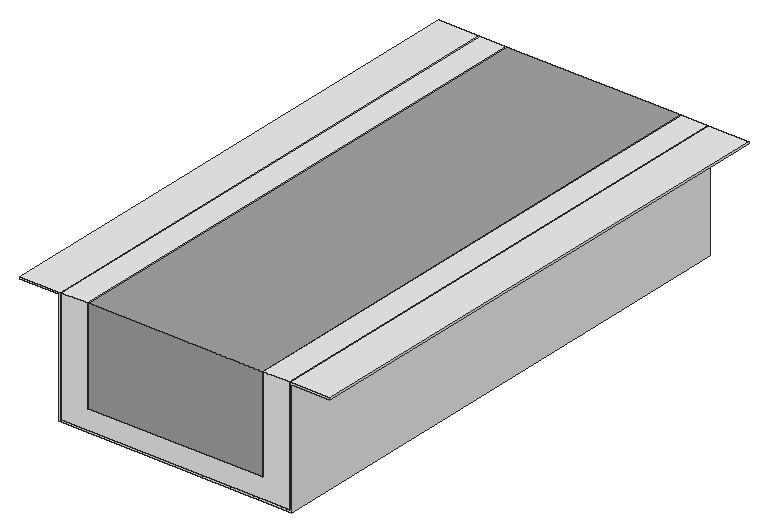
Revit family "05. Wichmann Kabelbox 3S_WAND", category HLS-Bauteile, Revit 2018
Family settings
  Basisbauteil = Wand
  Bemaßung runder Anschluss = Durchmesser verwenden
  Klassifizierung = Keine
  Teiletyp = Normal
  OmniClass-Nummer = 23.30.20.00
  OmniClass-Titel = Windows
  Immer vertikal = Ja
  Beim Laden mit Abzugskörper schneiden = Nein
  Gemeinsam genutzt = Nein
  Raumberechnungspunkt = Nein
Parameters (values of type "Kabelbox 3S, 60x120x270 mm")
  Werkstoff = Stahl
  Höhe = 60 mm
  H_rohbau = 80 mm
  H_i = 38 mm
  HAN = "3S060120"
  Breite = 120 mm
  Bautiefe = 270 mm
  B_rohbau = 160 mm
  B_i = 90 mm
Types (50, lengths in mm): name | Höhe | H_rohbau | H_i | HAN | Breite | B_rohbau | B_i
  Kabelbox 3S, 60x120x270 mm | 60 | 80 | 38 | "3S060120" | 120 | 160 | 90
  Kabelbox 3S, 60x160x270 mm | 60 | 80 | 38 | "3S060160" | 160 | 200 | 130
  Kabelbox 3S, 60x200x270 mm | 60 | 80 | 38 | "3S060200" | 200 | 240 | 170
  Kabelbox 3S, 60x240x270 mm | 60 | 80 | 38 | "3S060240" | 240 | 280 | 210
  Kabelbox 3S, 60x260x270 mm | 60 | 80 | 38 | "3S060260" | 260 | 300 | 230
  Kabelbox 3S, 60x335x270 mm | 60 | 80 | 38 | "3S060335" | 335 | 375 | 305
  Kabelbox 3S, 60x360x270 mm | 60 | 80 | 38 | "3S060360" | 360 | 400 | 330
  Kabelbox 3S, 60x435x270 mm | 60 | 80 | 38 | "3S060435" | 435 | 475 | 405
  Kabelbox 3S, 60x460x270 mm | 60 | 80 | 38 | "3S060460" | 460 | 500 | 430
  Kabelbox 3S, 60x535x270 mm | 60 | 80 | 38 | "3S060535" | 535 | 575 | 505
  Kabelbox 3S, 80x120x270 mm | 80 | 100 | 52 | "3S080120" | 120 | 160 | 90
  Kabelbox 3S, 80x160x270 mm | 80 | 100 | 52 | "3S080160" | 160 | 200 | 130
  Kabelbox 3S, 80x200x270 mm | 80 | 100 | 52 | "3S080200" | 200 | 240 | 170
  Kabelbox 3S, 80x240x270 mm | 80 | 100 | 52 | "3S080240" | 240 | 280 | 210
  Kabelbox 3S, 80x260x270 mm | 80 | 100 | 52 | "3S080260" | 260 | 300 | 230
  Kabelbox 3S, 80x335x270 mm | 80 | 100 | 52 | "3S080335" | 335 | 375 | 305
  Kabelbox 3S, 80x360x270 mm | 80 | 100 | 52 | "3S080360" | 360 | 400 | 330
  Kabelbox 3S, 80x435x270 mm | 80 | 100 | 52 | "3S080435" | 435 | 475 | 405
  Kabelbox 3S, 80x460x270 mm | 80 | 100 | 52 | "3S080460" | 460 | 500 | 430
  Kabelbox 3S, 80x535x270 mm | 80 | 100 | 52 | "3S080535" | 535 | 575 | 505
  Kabelbox 3S, 90x120x270 mm | 90 | 110 | 58 | "3S090120" | 120 | 160 | 90
  Kabelbox 3S, 90x160x270 mm | 90 | 110 | 58 | "3S090160" | 160 | 200 | 130
  Kabelbox 3S, 90x200x270 mm | 90 | 110 | 58 | "3S090200" | 200 | 240 | 170
  Kabelbox 3S, 90x240x270 mm | 90 | 110 | 58 | "3S090240" | 240 | 280 | 210
  Kabelbox 3S, 90x260x270 mm | 90 | 110 | 58 | "3S090260" | 260 | 300 | 230
  Kabelbox 3S, 90x335x270 mm | 90 | 110 | 58 | "3S090335" | 335 | 375 | 305
  Kabelbox 3S, 90x360x270 mm | 90 | 110 | 58 | "3S090360" | 360 | 400 | 330
  Kabelbox 3S, 90x435x270 mm | 90 | 110 | 58 | "3S090435" | 435 | 475 | 405
  Kabelbox 3S, 90x460x270 mm | 90 | 110 | 58 | "3S090460" | 460 | 500 | 430
  Kabelbox 3S, 90x535x270 mm | 90 | 110 | 58 | "3S090535" | 535 | 575 | 505
  Kabelbox 3S, 100x120x270 mm | 100 | 120 | 66 | "3S100120" | 120 | 160 | 90
  Kabelbox 3S, 100x160x270 mm | 100 | 120 | 66 | "3S100160" | 160 | 200 | 130
  Kabelbox 3S, 100x200x270 mm | 100 | 120 | 66 | "3S100200" | 200 | 240 | 170
  Kabelbox 3S, 100x240x270 mm | 100 | 120 | 66 | "3S100240" | 240 | 280 | 210
  Kabelbox 3S, 100x260x270 mm | 100 | 120 | 66 | "3S100260" | 260 | 300 | 230
  Kabelbox 3S, 100x335x270 mm | 100 | 120 | 66 | "3S100335" | 335 | 375 | 305
  Kabelbox 3S, 100x360x270 mm | 100 | 120 | 66 | "3S100360" | 360 | 400 | 330
  Kabelbox 3S, 100x435x270 mm | 100 | 120 | 66 | "3S100435" | 435 | 475 | 405
  Kabelbox 3S, 100x460x270 mm | 100 | 120 | 66 | "3S100460" | 460 | 500 | 430
  Kabelbox 3S, 100x535x270 mm | 100 | 120 | 66 | "3S100535" | 535 | 575 | 505
  Kabelbox 3S, 110x120x270 mm | 110 | 130 | 75 | "3S110120" | 120 | 160 | 90
  Kabelbox 3S, 110x160x270 mm | 110 | 130 | 75 | "3S110160" | 160 | 200 | 130
  Kabelbox 3S, 110x200x270 mm | 110 | 130 | 75 | "3S110200" | 200 | 240 | 170
  Kabelbox 3S, 110x240x270 mm | 110 | 130 | 75 | "3S110240" | 240 | 280 | 210
  Kabelbox 3S, 110x260x270 mm | 110 | 130 | 75 | "3S110260" | 260 | 300 | 230
  Kabelbox 3S, 110x335x270 mm | 110 | 130 | 75 | "3S110335" | 335 | 375 | 305
  Kabelbox 3S, 110x360x270 mm | 110 | 130 | 75 | "3S110360" | 360 | 400 | 330
  Kabelbox 3S, 110x435x270 mm | 110 | 130 | 75 | "3S110435" | 435 | 475 | 405
  Kabelbox 3S, 110x460x270 mm | 110 | 130 | 75 | "3S110460" | 460 | 500 | 430
  Kabelbox 3S, 110x535x270 mm | 110 | 130 | 75 | "3S110535" | 535 | 575 | 505
Reference planes
  plane 1 "Wall": y = 0
  plane 2 "Center (Left/Right)": x = 125
  plane 3 "Back": y = 75
  plane 4: z = 2839.969
  plane 5: z = 2869.969
  plane 6: x = 185
  plane 7: x = 170
  plane 8: z = 2850.969
  plane 9: x = 65
  plane 10: x = 80
  plane 11: z = 2899.969
  plane 12: z = 2888.969
  plane 13: x = 205
  plane 14: x = 45
  plane 15: z = 2819.969
  plane 16: y = 135
  plane 17: y = -135
Forms (mm)
  Extrusion 1, solid, material "Stahl" <- "Werkstoff"
    sketch origin (0, 0, 2301.4) x (1, 0, 0) y (0, 0, 1)
      loop
        line (185, 538.569) -> (185, 597.569) -> (205, 597.569) -> (205, 598.569) -> (184, 598.569) -> (184, 539.569) -> (66, 539.569) -> (66, 598.569) -> (45, 598.569) -> (45, 597.569) -> (65, 597.569) -> (65, 538.569) -> (185, 538.569)
    from -135 to 135
  Extrusion 2, solid, material "Brandschutzeinlage"
    sketch origin (0, 0, 2301.4) x (1, 0, 0) y (0, 0, 1)
      loop
        line (184, 598.569) -> (170, 598.569) -> (170, 549.569) -> (80, 549.569) -> (80, 598.569) -> (66, 598.569) -> (66, 539.569) -> (184, 539.569) -> (184, 598.569)
    from -135 to 135
  Extrusion 3, solid, material "EasyFoam"
    sketch origin (0, 0, 2301.4) x (1, 0, 0) y (0, 0, 1)
      loop
        line (170, 598.569) -> (80, 598.569) -> (80, 549.569) -> (170, 549.569) -> (170, 598.569)
    from -135 to 135
  Extrusion 4, solid, not visible
    sketch origin (81, 0, 597.569) x (0, 0, -1) y (0, 1, 0)
      loop
        line (0, -134) -> (1.043, -134) -> (1.043, -133.063) -> (12.5, -130.97) -> (12.5, -130) -> (0, -130) -> (0, -134)
    from 0 to 88
  Extrusion 5, solid, not visible
    sketch origin (81, 0, 539.569) x (0, 0, 1) y (0, -1, 0)
      loop
        line (0, 134) -> (0, 130) -> (12.5, 130) -> (12.5, 130.97) -> (1.043, 133.063) -> (1.043, 134) -> (0, 134)
    from 0 to 88
  Extrusion 6, solid, not visible
    sketch origin (169, 0, 521.819) x (-1, 0, 0) y (0, -1, 0)
      loop
        line (0, 134) -> (0, 130) -> (14, 130) -> (14, 130.969) -> (1.043, 133.062) -> (1.043, 134) -> (0, 134)
    from 17.75 to 75.75
  Extrusion 7, solid, not visible
    sketch origin (81, 0, 521.819) x (1, 0, 0) y (0, 1, 0)
      loop
        line (0, -134) -> (1.043, -134) -> (1.043, -133.04) -> (14, -130.947) -> (14, -130) -> (0, -130) -> (0, -134)
    from 17.75 to 75.75
  Extrusion 8, solid, material "Brandschutzeinlage", not visible, detail levels medium+fine
    sketch origin (81, 2.5, 597.569) x (0, 0, -1) y (0, 1, 0)
      loop
        line (0, -151.5) -> (1.043, -151.5) -> (1.043, -150.563) -> (12.5, -148.47) -> (12.5, -147.5) -> (0, -147.5) -> (0, -151.5)
    from 0 to 88
  Extrusion 9, solid, material "Brandschutzeinlage", not visible, detail levels medium+fine
    sketch origin (81, 2.5, 539.569) x (0, 0, 1) y (0, -1, 0)
      loop
        line (0, 151.5) -> (0, 147.5) -> (12.5, 147.5) -> (12.5, 148.47) -> (1.043, 150.563) -> (1.043, 151.5) -> (0, 151.5)
    from 0 to 88
  Extrusion 10, solid, material "Brandschutzeinlage", not visible, detail levels medium+fine
    sketch origin (169, 2.5, 521.819) x (-1, 0, 0) y (0, -1, 0)
      loop
        line (0, 151.5) -> (0, 147.5) -> (14, 147.5) -> (14, 148.469) -> (1.043, 150.562) -> (1.043, 151.5) -> (0, 151.5)
    from 17.75 to 75.75
  Extrusion 11, solid, material "Brandschutzeinlage", not visible, detail levels medium+fine
    sketch origin (81, 2.5, 521.819) x (1, 0, 0) y (0, 1, 0)
      loop
        line (0, -151.5) -> (1.043, -151.5) -> (1.043, -150.54) -> (14, -148.447) -> (14, -147.5) -> (0, -147.5) -> (0, -151.5)
    from 17.75 to 75.75
Lines and regions (mm)
  Opening 1
    outline origin (-5000, -75, 2301.4) x (1, 0, 0) y (0, 0, 1)
      loop
        line (5205, 598.569) -> (5045, 598.569) -> (5045, 518.569) -> (5205, 518.569) -> (5205, 598.569)
Text (mm)
  text "Placement Side" at (-1848.837, 1116.779, 0), in view "Ref. Level"
  text "Placement side" at (0, 1409.804, 2854.306), in view "Left"
  text "Placement side" at (0, 499.811, 2980.732), in view "Right"
Dimensions and locks
  locked: plane 3 "Back" to host wall
  equal spacing: plane 9, plane 2 "Center (Left/Right)", plane 6
  equal spacing: plane 10, plane 2 "Center (Left/Right)", plane 7
  "B_i": plane 10 to plane 7
  "Breite": plane 9 to plane 6
  equal spacing: plane 14, plane 2 "Center (Left/Right)", plane 13
  "B_rohbau": plane 14 to plane 13
  equal spacing: plane 8, plane 5, plane 12
  "H_i": plane 8 to plane 12
  equal spacing: plane 4, plane 5, plane 11
  "Höhe": plane 4 to plane 11
  locked: plane 4 to Extrusion 1 at 1
  locked: Extrusion 1 to plane 6 at 1
  locked: Extrusion 1 to plane 9 at 1
  plane 16 to Extrusion 2 = 0 mm
  Extrusion 2 to plane 17 = 0 mm
  equal spacing: plane 16, plane 1 "Wall", plane 17
  "Bautiefe": plane 16 to plane 17
  "H_rohbau": plane 15 to plane 11
  Extrusion 1 to level = 2899.969 mm
  aligned and locked: plane 1 "Wall" to host wall
  aligned and locked: plane 14 to Opening 1 sketch curve
  aligned and locked: plane 15 to Opening 1 sketch curve
  aligned and locked: plane 13 to Opening 1 sketch curve
  aligned and locked: Extrusion 1 sketch curve to plane 6
  aligned and locked: Extrusion 1 sketch curve to plane 4
  aligned and locked: Extrusion 1 sketch curve to plane 9
  aligned and locked: Extrusion 2 sketch curve to plane 7
  aligned and locked: Extrusion 2 sketch curve to plane 8
  aligned and locked: Extrusion 2 sketch curve to plane 10
  aligned and locked: Extrusion 1 to plane 16
  aligned and locked: plane 17 to Extrusion 1
  aligned and locked: plane 11 to Extrusion 1 sketch curve
  aligned and locked: Extrusion 1 sketch curve to plane 11
  aligned and locked: Extrusion 1 sketch curve to plane 13
  aligned and locked: plane 14 to Extrusion 1 sketch curve
  aligned and locked: plane 11 to Opening 1 sketch curve
  aligned and locked: Extrusion 2 to Extrusion 3  (x2)
  aligned and locked: Extrusion 1 to Extrusion 2
  aligned and locked: plane 9 to nested 1
  aligned and locked: plane 6 to nested 1
  aligned and locked: host wall to nested 1  (x2)
  aligned and locked: nested 2 to plane 4
  aligned and locked: nested 2 to host wall  (x2)
  aligned and locked: nested 2 to plane 11
  aligned and locked: nested 3 to plane 14
  aligned and locked: nested 3 to plane 13
  aligned and locked: plane 15 to nested 3
  aligned and locked: plane 11 to nested 3
  aligned and locked: host wall to Extrusion 2  (x2)
  aligned and locked: host wall to Extrusion 3
  aligned and locked: Extrusion 3 to plane 10
  aligned and locked: Extrusion 3 to plane 8
  aligned and locked: Extrusion 3 to plane 7
Automatic sketch dimensions
  Extrusion 4 sketch curve to Extrusion 4 sketch curve = 0.97 mm
  Extrusion 5 sketch curve to Extrusion 5 sketch curve = 1.043 mm
  Extrusion 5 sketch curve to Extrusion 5 sketch curve = 0.97 mm
  Extrusion 5 sketch curve to Extrusion 5 sketch curve = 0.937 mm
  Extrusion 6 sketch curve to Extrusion 6 sketch curve = 1.043 mm
  Extrusion 6 sketch curve to Extrusion 6 sketch curve = 0.969 mm
  Extrusion 6 sketch curve to Extrusion 6 sketch curve = 0.938 mm
  Extrusion 7 sketch curve to Extrusion 7 sketch curve = 0.96 mm
  Extrusion 7 sketch curve to Extrusion 7 sketch curve = 1.043 mm
  Extrusion 7 sketch curve to Extrusion 7 sketch curve = 12.957 mm
  Extrusion 7 sketch curve to Extrusion 7 sketch curve = 2.093 mm
  Extrusion 7 sketch curve to Extrusion 7 sketch curve = 3.04 mm
  Extrusion 4 sketch curve to Extrusion 4 sketch curve = 1.043 mm
  Extrusion 4 sketch curve to Extrusion 4 sketch curve = 11.457 mm
  Extrusion 4 sketch curve to Extrusion 4 sketch curve = 0.937 mm
  Extrusion 4 sketch curve to Extrusion 4 sketch curve = 2.093 mm
  Extrusion 5 sketch curve to Extrusion 5 sketch curve = 11.457 mm
  Extrusion 5 sketch curve to Extrusion 5 sketch curve = 3.063 mm
  Extrusion 6 sketch curve to Extrusion 6 sketch curve = 12.957 mm
  Extrusion 6 sketch curve to Extrusion 6 sketch curve = 3.062 mm
  Extrusion 8 sketch curve to Extrusion 8 sketch curve = 0.97 mm
  Extrusion 9 sketch curve to Extrusion 9 sketch curve = 1.043 mm
  Extrusion 9 sketch curve to Extrusion 9 sketch curve = 0.97 mm
  Extrusion 9 sketch curve to Extrusion 9 sketch curve = 0.937 mm
  Extrusion 10 sketch curve to Extrusion 10 sketch curve = 1.043 mm
  Extrusion 10 sketch curve to Extrusion 10 sketch curve = 0.969 mm
  Extrusion 10 sketch curve to Extrusion 10 sketch curve = 0.938 mm
  Extrusion 11 sketch curve to Extrusion 11 sketch curve = 0.96 mm
  Extrusion 11 sketch curve to Extrusion 11 sketch curve = 1.043 mm
  Extrusion 11 sketch curve to Extrusion 11 sketch curve = 12.957 mm
  Extrusion 11 sketch curve to Extrusion 11 sketch curve = 2.093 mm
  Extrusion 11 sketch curve to Extrusion 11 sketch curve = 3.04 mm
  Extrusion 8 sketch curve to Extrusion 8 sketch curve = 1.043 mm
  Extrusion 8 sketch curve to Extrusion 8 sketch curve = 11.457 mm
  Extrusion 8 sketch curve to Extrusion 8 sketch curve = 0.937 mm
  Extrusion 8 sketch curve to Extrusion 8 sketch curve = 2.093 mm
  Extrusion 9 sketch curve to Extrusion 9 sketch curve = 11.457 mm
  Extrusion 9 sketch curve to Extrusion 9 sketch curve = 3.063 mm
  Extrusion 10 sketch curve to Extrusion 10 sketch curve = 12.957 mm
  Extrusion 10 sketch curve to Extrusion 10 sketch curve = 3.062 mm
  plane 10 to Extrusion 3 sketch curve = 0 mm
  plane 7 to Extrusion 3 sketch curve = 0 mm
  plane 8 to Extrusion 3 sketch curve = 0 mm
  Extrusion 3 sketch curve to plane 12 = 11 mm
  plane 9 to Extrusion 1 sketch curve = 1 mm
  plane 6 to Extrusion 1 sketch curve = 1 mm
  plane 4 to Extrusion 1 sketch curve = 1 mm
  Extrusion 1 sketch curve to Extrusion 1 sketch curve = 1 mm  (x2)
  plane 11 to Extrusion 2 sketch curve = 0 mm  (x2)
  plane 9 to Extrusion 2 sketch curve = 1 mm
  plane 6 to Extrusion 2 sketch curve = 1 mm
  plane 4 to Extrusion 2 sketch curve = 1 mm
Nested families
  nested 1: "Side" at (125, 0, 0), type "Side"
    with h 150 mm, b 120 mm
  nested 2: "Side" at (125, 0, 2869.969) x (0, -1, 0) z (1, 0, 0), type "Side"
    with h 60 mm, b 150 mm
  nested 3: "Front" at (125, 0, 2859.969) x (0, 0, -1) z (0, -1, 0), type "Front"
    with x 13.333 mm, h 160 mm, b 80 mm
Definition of nested family "Side"
  Parameters (values of type "Side")
    h [instance] = 433.181 mm
    b [instance] = 613.979 mm
  Reference planes
    plane 1 "Center (Front/Back)": y = 0
    plane 2: z = 0
    plane 3 "Center (Left/Right)": x = 0
    plane 4: y = 216.59
    plane 5: x = -306.99
    plane 6: x = 306.99
    plane 7: y = -216.59
  Lines and regions (mm)
    detail lines, in view "Ref. Level"
      curve 1: line (-306.99, 216.59, 0) -> (306.99, 216.59, 0)
      curve 2: line (-306.99, -216.59, 0) -> (-306.99, 216.59, 0)
      curve 3: line (306.99, -216.59, 0) -> (-306.99, -216.59, 0)
      curve 4: line (306.99, 216.59, 0) -> (306.99, -216.59, 0)
      curve 5: line (306.99, -216.59, 0) -> (-306.99, 216.59, 0)
      curve 6: line (-306.99, -216.59, 0) -> (306.99, 216.59, 0)
  Dimensions and locks
    equal spacing: plane 4, plane 1 "Center (Front/Back)", plane 7
    "h": plane 4 to plane 7
    equal spacing: plane 5, plane 3 "Center (Left/Right)", plane 6
    "b": plane 5 to plane 6
    aligned and locked: curve 3 to plane 7
    aligned and locked: plane 6 to curve 4
  Automatic sketch dimensions
    curve 1 to plane 4 = 0 mm
    curve 1 to plane 5 = 0 mm
Definition of nested family "Front"
  Parameters (values of type "Front")
    h [instance] = 433.181 mm
    x [instance] = if(b < h, b, h) / 6  # 72.197 mm
    b [instance] = 613.979 mm
  Reference planes
    plane 1 "Center (Front/Back)": y = 0
    plane 2: z = 0
    plane 3 "Center (Left/Right)": x = 0
    plane 4: y = 216.59
    plane 5: x = -306.99
    plane 6: x = 306.99
    plane 7: y = -216.59
    plane 8: x = -234.793
    plane 9: y = 144.394
  Lines and regions (mm)
    Filled region 1, type "Concrete", in view "Ref. Level"
      outline origin (0, 0, 0) x (1, 0, 0) y (0, 1, 0)
        loop
          line (306.99, 216.59) -> (-306.99, 216.59) -> (-306.99, -216.59) -> (-234.793, 144.394) -> (306.99, 216.59)
    detail lines, in view "Ref. Level"
      curve 1: line (-306.99, 216.59, 0) -> (306.99, 216.59, 0)
      curve 2: line (-306.99, -216.59, 0) -> (-306.99, 216.59, 0)
      curve 3: line (306.99, -216.59, 0) -> (-306.99, -216.59, 0)
      curve 4: line (306.99, 216.59, 0) -> (306.99, -216.59, 0)
  Dimensions and locks
    equal spacing: plane 4, plane 1 "Center (Front/Back)", plane 7
    "h": plane 4 to plane 7
    equal spacing: plane 5, plane 3 "Center (Left/Right)", plane 6
    "b": plane 5 to plane 6
    "x": plane 4 to plane 9
    "x": plane 5 to plane 8
    aligned and locked: plane 9 to Filled region 1 sketch curve
    aligned and locked: plane 8 to Filled region 1 sketch curve
    aligned and locked: curve 1 to Filled region 1
    aligned and locked: curve 2 to Filled region 1
    aligned and locked: curve 3 to plane 7
    aligned and locked: plane 6 to curve 4
  Automatic sketch dimensions
    Filled region 1 sketch curve to plane 4 = 0 mm
    Filled region 1 sketch curve to plane 5 = 0 mm
    Filled region 1 sketch curve to plane 6 = 0 mm
    plane 7 to Filled region 1 sketch curve = 0 mm
